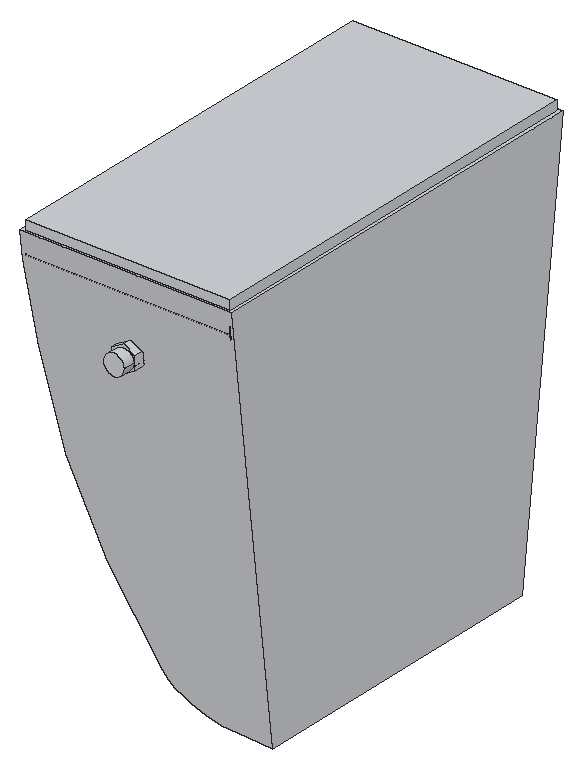
Revit family "0049944_1900lm", category Lighting Fixtures, host Face, Revit 2018
Family settings
  Host = Face
  Round Connector Dimension = Use Diameter
  Part Type = Normal
  OmniClass Number = 23.80.70.00
  OmniClass Title = Lighting
  Cut with Voids When Loaded = No
  Light Source = Yes
  Shared = No
  Room Calculation Point = No
Parameters (values of type "0049944 MURO SURF IP65 1700-3250LM 840 PH GR")
  Weight = "n/a"
  Wattage Comments = ""
  Wattage = 0 W
  WarrantyStartDate [instance] = "n/a"
  WarrantyGuarantorParts = "n/a"
  WarrantyDurationUnit = "n/a"
  WarrantyDurationParts = ""
  WarrantyDescription = "http://www.sylvania-lighting.com"
  built-in parameter 1150110 = 1 (stored number, unit not read)
  Voltage = 0 V
  URL = "0.9"
  TypeName = "Muro Surface IP65 1700-3250lm 840 PH Grey"
  Type Image = <None>
  Type Comments = "n/a"
  built-in parameter 1114217 = 1 (stored number, unit not read)
  Tilt Angle = -90.00°
  built-in parameter 1150109 = 1 (stored number, unit not read)
  built-in parameter 1150134 = 12
  built-in parameter 1150113 = 1 (stored number, unit not read)
  SerialNumber [instance] = "n/a"
  Photometric Web File = "0049944_1900lm.IES"
  Material_3_SYL = none
  PowerFactor = 0.95
  PowerConsumption = "Lighting"
  NominalLength = 155 mm
  NominalHeight = 305 mm
  NominalDepth = 155 mm
  Name = "Muro Surface IP65 1700-3250lm 840 PH Grey"
  ModelReference = Name  # "Muro Surface IP65 1700-3250lm 840 PH Grey"
  ModelNumber = "0049944"
  Model = Name  # "Muro Surface IP65 1700-3250lm 840 PH Grey"
  Material = "Feilo Sylvania"
  ManufacturerName = "116 lm/W"
  Manufacturer = ""
  LuminousEfficacy = ""
  built-in parameter 1150105 = (empty or 0)
  Lumens = 0 lm
  LuminaireType = "0"
  built-in parameter 1150115 = 1 (stored number, unit not read)
  LightOutputRatio = "LED"
  built-in parameter 1150137 = (empty or 0)
  built-in parameter 1150139 = (empty or 0)
  LampsType = Lamp  # "n/a"
  LampNominalLuminous = "4000 K"
  LampMacAdamStep = "80"
  LampColourTemperature = "LED"
  LampColourRenderingIndex = "16500"
  built-in parameter 1150112 = 1 (stored number, unit not read)
  built-in parameter 1150114 = 1 (stored number, unit not read)
  Lamp = "n/a"
  Keynote = "n/a"
  InstallationDate [instance] = "n/a"
  InputVoltage = "0"
  InputNominalFrequency = "4000"
  built-in parameter 1150132 = (empty or 0)
  built-in parameter 1150102 = (empty or 0)
  built-in parameter 1150107 = 4000 (stored number, unit not read)
  built-in parameter 1150138 = (empty or 0)
  IngressProtection = "IfcLightFixtureType"
  ImpactProtectionIndex = "IfcLightFixtureType"
  built-in parameter 1150106 = (empty or 0)
  IfcExportType = "IfcLightFixtureType"
  IfcExportAs = "Class I"
  Emit from Circle Diameter = 609.6 mm
  Emit Shape Visible in Rendering = no
  ElectricShockClassification = "116"
  built-in parameter 1150104 = 10.591 (stored number, unit not read)
  DocumentationLiterature = "http://www.sylvania-lighting.com/product/en-int/products/0049944"
  DimmingControlOptions = "n/a"
  Material_2_SYL = none
  Dimming Lamp Color Temperature Shift = <None>
  Description = "Muro Surface is a wall mounted fixture for exterior lighting applications. Comes with aluminium housing in RAL7016 anthracite grey colour, frosted PC diffuser, IP65, IK10, Class I, 4000K, non-dimmable multipower driver with 5 settings, 1700 / 1900 / 2750 / 3150 / 3250 lm, 14 / 16 / 24 / 27 / 28 W, up to 121 lm/W total system efficacy, switchable built in Mini photocell, CRI80, Asymmetrical beam, 119.000 hrs L70B50 lifespan, 304 x 305 x 155 mm (L x W x D) dimensions, 4.1 kg weight."
  Default Elevation = 1219.2 mm
  CreatedOn = "27/06/2022"
  CreatedBy = "@sylvania-lighting.com"
  Cost = 0
  Color Filter = 16777215
  built-in parameter 1114216 [instance] = (empty or 0)
  ClassificationValue = "EF_70_80"
  ClassificationName = "Uniclass2015"
  Material_1_SYL = none
  BarCode [instance] = "n/a"
  built-in parameter 1114218 = 1 (stored number, unit not read)
  built-in parameter 1150133 = 10 (stored number, unit not read)
  AssetType = "Fixed"
  AssetIdentifier [instance] = "n/a"
  Assembly Code = "D5020200"
  Apparent Load = 28 VA
  Material_4_SYL = none
Reference planes
  plane 1 "Center (Front/Back)": y = 0
  plane 2: z = 0
  plane 3 "Center (Left/Right)": x = 0
  plane 4: x = -78
  plane 5: x = 78
  plane 6: z = -305
  plane 7: y = 150
  plane 8: y = -150
  plane 9: x = -75
  plane 10: x = 75
  plane 11: y = 115
  plane 12: y = -115
  plane 13: z = -65
  plane 14: x = -2
Forms (mm)
  Extrusion 1, solid
    sketch origin (0, 0, 0) x (1, 0, 0) y (0, 0, 1)
      loop
        line (78, -310) -> (78, -6.48) -> (-78, -6.48) -> (-78, -26.48) -> (-72.235, -85.387)
        arc (-72.235, -85.387) -> (-48.397, -189.323) -> (-0.704, -284.698) r 448.659
        arc (-0.704, -284.698) -> (5.844, -292.285) -> (14.114, -297.948) r 38.9
        line (14.114, -297.948) -> (19.517, -300.701)
        arc (19.517, -300.701) -> (35.277, -306.672) -> (51.956, -309.091) r 77.403
        line (51.956, -309.091) -> (78, -310)
    from -152 to 152
  Extrusion 2, solid
    sketch origin (0, 0, 0) x (1, 0, 0) y (0, 1, 0)
      loop
        line (75, 150) -> (-75, 150) -> (-75, -150) -> (75, -150) -> (75, 150)
    from -26.48 to 0
  Extrusion 3, void
    sketch origin (319, 1524, 1219.2) x (0, 1, 0) y (0, 0, 1)
      loop
        line (-1412.802, -1554.876) -> (-1285.02, -1554.876) -> (-1262, -1225.68) -> (-1372, -1225.68) -> (-1412.802, -1554.876)
    from -490.123 to 1
  Extrusion 4, void
    sketch origin (319, -1524, 1219.2) x (0, -1, 0) y (0, 0, -1)
      loop
        line (-1412.802, 1554.876) -> (-1372, 1225.68) -> (-1262, 1225.68) -> (-1285.02, 1554.876) -> (-1412.802, 1554.876)
    from -490.123 to 1
  Extrusion 5, solid
    sketch origin (0, 0, 0) x (1, 0, 0) y (0, 0, 1)
      loop
        circle (-2, -65) r 7.5
    from 0 to 160.393
  Extrusion 6, solid
    sketch origin (0, 0, 0) x (1, 0, 0) y (0, 0, 1)
      loop
        line (-2, -55) -> (-10.66, -60) -> (-10.66, -70) -> (-2, -75) -> (6.66, -70) -> (6.66, -60) -> (-2, -55)
    from 0 to 152
Cuts and joins
  Extrusion 3, Extrusion 4 cuts Extrusion 1
  Extrusion 4 cuts Extrusion 2
Dimensions and locks
  aligned and locked: plane 2 to host face
  aligned and locked: level to host face
Connectors
  electrical at (78, 0, -158.24)
    settings: on cut or joined group of Extrusion 1, Extrusion 3, Extrusion 4, index 1, voltage 0 V, apparent load 0 VA, apparent load phase1 0 VA, apparent load phase2 0 VA, apparent load phase3 0 VA, power factor 1, load classification "Other", number of poles 1, system type 31, power factor state 1, is connector primary yes, connector utility no, sub classification motor no, connector description ""
